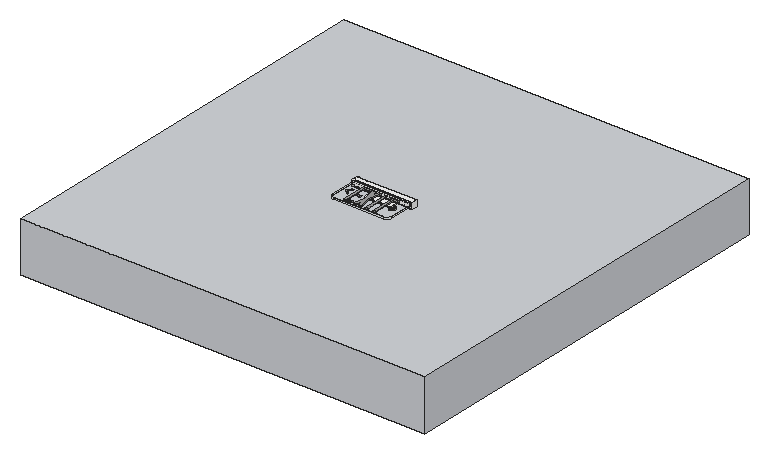
Revit family "LES_W", category Lighting Fixtures, host Face, Revit 2012
Parameters (values of type "LES-W")
  Wattage Comments = "2.2-5 W"
  Wattage = 9.2903 W
  built-in parameter 1150110 = 1 (stored number, unit not read)
  URL = "http://www.dual-lite.com/"
  built-in parameter 1114217 = 1 (stored number, unit not read)
  built-in parameter 1150109 = 1 (stored number, unit not read)
  built-in parameter 1150134 = 3
  built-in parameter 1150113 = 1 (stored number, unit not read)
  Product Page URL = "http://www.dual-lite.com/products/lf_les"
  Product Documentation Link = "http://www.dual-lite.com/content/products/specs/specs_files/0601683_les_spec_sheet.pdf"
  Mounting = "Wall Mount"  # constant formula
  Model = "LE"  # constant formula
  Manufacturer Phone = "(864)-678-1000"  # constant formula
  Manufacturer Fax = "(864)-678-1415"  # constant formula
  Manufacturer = "Dual-Lite"  # constant formula
  built-in parameter 1150105 = 109.82 (stored number, unit not read)
  Lumens = 1380 lm
  built-in parameter 1150115 = 1 (stored number, unit not read)
  Light Source Symbol Size = 0.250"
  built-in parameter 1150137 = (empty or 0)
  built-in parameter 1150139 = (empty or 0)
  Lettering = Red
  built-in parameter 1150112 = 1 (stored number, unit not read)
  built-in parameter 1150114 = 1 (stored number, unit not read)
  Lamp = "LED"  # constant formula
  built-in parameter 1150132 = (empty or 0)
  built-in parameter 1150102 = (empty or 0)
  built-in parameter 1150107 = 3200 (stored number, unit not read)
  built-in parameter 1150138 = (empty or 0)
  built-in parameter 1150106 = 1.0982 (stored number, unit not read)
  Glass = Glass
  Family = "Outdoor Emergency Lighting"  # constant formula
  Emit from Line Length = 13.000"
  built-in parameter 1150104 = 13.8 (stored number, unit not read)
  Dimming Lamp Color Temperature Shift = <None>
  Description = "Surface Mount Architectural Edge-Lit LED Exit Signs"  # constant formula
  Default Elevation = 48.000"
  Color Filter = 16777215
  built-in parameter 1114218 = 1 (stored number, unit not read)
  Backbox = White
  built-in parameter 1150133 = 10 (stored number, unit not read)
Reference planes (in)
  plane 1 "Center (Front/Back)": y = 0.03999
  plane 2: z = 0.06357
  plane 3 "Center (Left/Right)": x = 0
  plane 4: through (0, 4.17275, 0.82335) normal (0, -0.4384, 0.8988)
  plane 5: y = 2.03999
  plane 6: y = -1.96001
  plane 7: z = 7.56357
  plane 8: x = -7
  plane 9: x = 7
  plane 10: y = 0.78999
  plane 11: z = 1.97201
  plane 12: z = 0.57625
  plane 13: y = -3.93571
  plane 14: y = -3.93571
  plane 15: y = -0.6786
  plane 16: z = 0.57625
  plane 17: x = -7.10967
  plane 18: x = 7.10967
Forms (in)
  Extrusion 1, solid
    sketch origin (0, 0, 0.06357) x (1, 0, 0) y (0, 1, 0)
      loop
        line (-48, 48) -> (-48, -48) -> (48, -48) -> (48, 48) -> (-48, 48)
    from 0 to -12
  Extrusion 2, solid, material "White" <- "Backbox"
    sketch origin (0, 0.12849, 1.74525) x (0, 1, 0) y (0, 0, 1)
      loop
        line (0.4929, 0.22676) -> (-0.6071, 0.22676)
        arc (-0.6071, 0.22676) -> (-0.74852, 0.16818) -> (-0.8071, 0.02676) r 0.2
        line (-0.8071, 0.02676) -> (-0.8071, -0.969)
        arc (-0.8071, -0.969) -> (-0.74852, -1.11042) -> (-0.6071, -1.169) r 0.2
        line (-0.6071, -1.169) -> (0.4929, -1.169)
        arc (0.4929, -1.169) -> (0.63433, -1.11042) -> (0.6929, -0.969) r 0.2
        line (0.6929, -0.969) -> (0.6929, 0.02676)
        arc (0.6929, 0.02676) -> (0.63433, 0.16818) -> (0.4929, 0.22676) r 0.2
    from -7.10967 to 7.10967
  Extrusion 3, solid, material "Glass" <- "Glass"
    sketch origin (0, -7.8306, 1.28451) x (0, -1, 0) y (1, 0, 0)
      loop
        line (-7.152, -7) -> (-1.37754, -7)
        arc (-1.37754, -7) -> (-0.59556, -6.67609) -> (-0.27165, -5.89411) r 1.10589
        arc (-0.27165, -5.89411) -> (-0.04018, 0) -> (-0.27165, 5.89411) r 75.15963
        arc (-0.27165, 5.89411) -> (-0.59556, 6.67609) -> (-1.37754, 7) r 1.10589
        line (-1.37754, 7) -> (-7.152, 7) -> (-7.152, -7)
    from 0.25 to -0.25
  Extrusion 4, solid, material "Red" <- "Lettering"
    sketch origin (0.81146, 0.80649, 1.25948) x (0, 1, 0) y (-1, 0, 0)
      loop
        line (-7.32353, 4.26086) -> (-5.24161, 4.26086) -> (-5.24161, 3.07884) -> (-4.92704, 3.07884) -> (-4.61247, 3.07884) -> (-4.61247, 4.26086) -> (-2.53056, 4.26086) -> (-2.53056, 3.07884) -> (-2.03056, 3.07884) -> (-2.03056, 4.76086) -> (-4.92704, 4.76086) -> (-7.82353, 4.76086) -> (-7.82353, 3.07884) -> (-7.32353, 3.07884) -> (-7.32353, 4.26086)
      loop
        line (-7.82243, 2.47814) -> (-7.82243, 1.82285) -> (-7.03104, 1.53481) -> (-7.82243, 1.24677) -> (-7.82243, 0.59148) -> (-4.92704, 1.25993) -> (-2.03165, 0.59148) -> (-2.03165, 1.24677) -> (-2.82304, 1.53481) -> (-2.03165, 1.82285) -> (-2.03165, 2.47814) -> (-4.92704, 1.80969) -> (-7.82243, 2.47814)
      loop
        line (-7.82353, -0.17116) -> (-7.82353, -0.771) -> (-2.03165, -0.771) -> (-2.03165, -0.17116) -> (-7.82353, -0.17116)
      loop
        line (-2.68694, -3.61882) -> (-2.03165, -3.61882) -> (-2.03165, -1.36882) -> (-2.68694, -1.36882) -> (-2.68694, -2.15022) -> (-7.82353, -2.15022) -> (-7.82353, -2.75006) -> (-2.68694, -2.75006) -> (-2.68694, -3.61882)
    from 0.36997 to 0.27503
  Extrusion 5, solid, material "Red"
    sketch origin (-0.22623, -0.91202, 1.33946) x (0, -1, 0) y (1, 0, 0)
      loop
        line (3.79907, -4.97072) -> (3.79907, -4.58478) -> (3.02369, -5.36016) -> (2.24831, -4.58478) -> (2.24831, -4.97072) -> (3.02369, -5.7461) -> (3.79907, -4.97072)
      loop
        line (3.79907, 5.42318) -> (3.02369, 6.19856) -> (2.24831, 5.42318) -> (2.24831, 5.03724) -> (3.02369, 5.81262) -> (3.79907, 5.03724) -> (3.79907, 5.42318)
    from 0.28999 to 0.19505
  Extrusion 6, solid, material "White" <- "Backbox"
    sketch origin (0, 0.07998, 0.12714) x (0, -1, 0) y (0, 0, -1)
      loop
        line (2.03999, 0.06357) -> (-1.96001, 0.06357) -> (-1.96001, -0.17249) -> (-0.21001, -0.29486) -> (-0.21001, -0.46987) -> (0.28999, -0.46987) -> (0.28999, -0.29713) -> (2.03999, -0.17476) -> (2.03999, 0.06357)
    from -3.0625 to 3.0625
Dimensions and locks (in)
  locked: plane 5 to plane 1 "Center (Front/Back)" at 2
  locked: plane 6 to plane 1 "Center (Front/Back)" at 2
  locked: plane 7 to level at 7.5
  plane 8 to plane 3 "Center (Left/Right)" = 7.000"
  plane 9 to plane 3 "Center (Left/Right)" = 7.000"
  plane 1 "Center (Front/Back)" to plane 10 to plane 5 = 0.750", 1.250"  (x2)
  plane 1 "Center (Front/Back)" to plane 6 = 2.000"
  plane 11 to plane 12 = 1.39575"
  locked: level to Extrusion 6 at 0.53344
  locked: plane 1 "Center (Front/Back)" to Extrusion 6 at 2  (x2)
  locked: plane 3 "Center (Left/Right)" to Extrusion 6 at 3.0625
  aligned and locked: plane 2 to Extrusion 1
  aligned and locked: Extrusion 4 sketch curve to Extrusion 4 sketch curve
  aligned and locked: Extrusion 5 sketch curve to plane 13  (x4)
  aligned and locked: plane 14 to Extrusion 5 sketch curve  (x4)
  aligned and locked: plane 12 to Extrusion 2
  aligned and locked: plane 11 to Extrusion 2
  aligned and locked: plane 15 to Extrusion 2
  aligned and locked: imposter light to Extrusion 2
  aligned and locked: Extrusion 3 to Extrusion 2
  aligned and locked: Extrusion 5 to Extrusion 3
  aligned and locked: Extrusion 4 to Extrusion 5
  aligned and locked: Extrusion 4 to Extrusion 3
  aligned and locked: Extrusion 3 to Extrusion 5
  aligned and locked: plane 16 to Extrusion 2
  aligned and locked: Extrusion 6 to level
  aligned and locked: Extrusion 2 to plane 17
  aligned and locked: Extrusion 2 to plane 18
  aligned and locked: Extrusion 3 to imposter light
Connectors (in)
  electrical at (0, 0, 0.06357), driven by "Description"
    settings: index 1, voltage 0 V, apparent load 0 VA, apparent load phase1 0 VA, apparent load phase2 0 VA, apparent load phase3 0 VA, power factor 1, load classification "Other", number of poles 1, system type 30, power factor state 1, is connector primary yes, connector utility no, sub classification motor no, connector description "Surface Mount Architectural Edge-Lit LED Exit Signs"
